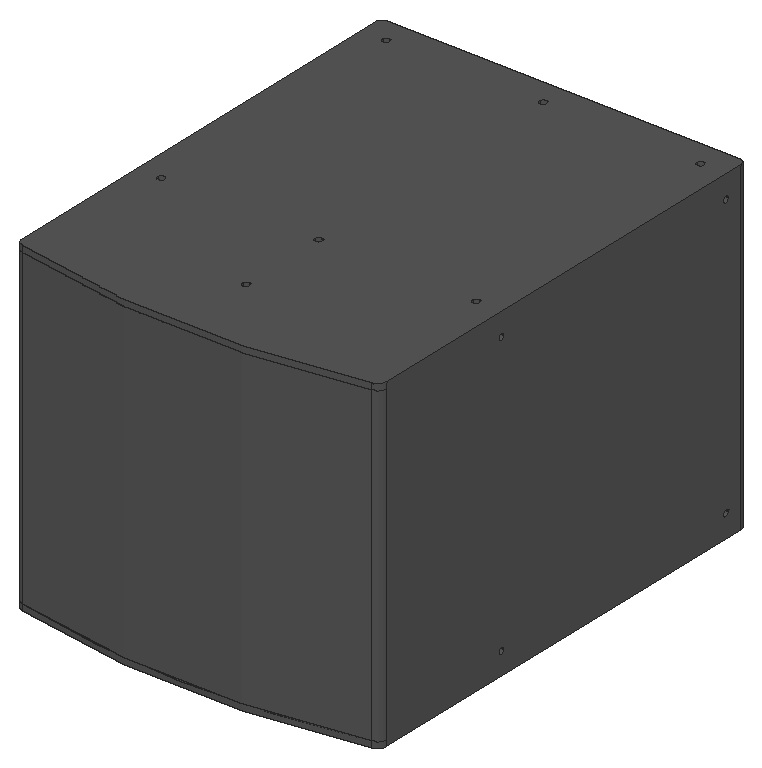
Revit family "1Electronics_Community_Biamp_Subwoofer_IS6-118WR", category Communication Devices, host Face, Revit 2020
Family settings
  Host = Face
  Maintain Annotation Orientation = No
  Round Connector Dimension = Use Diameter
  Part Type = Normal
  OmniClass Number = 23.85.10.11.14.14.14
  OmniClass Title = Loudspeakers
  Cut with Voids When Loaded = No
  Shared = No
  Room Calculation Point = No
Parameters (values of type "IS6-118WR B")
  Width = 22.10156"  # constant formula
  Weight = 97.00 lbf  # constant formula
  URL = "https://www.biamp.com/"
  Transducers = "1 x 18 (457mm) double-treated cone with 4 (102mm) inner/outer wound voice coil, ferrite construction"  # constant formula
  Shipping Weight = 111.00 lbf  # constant formula
  Recommended Amplifiers = "Single Amp - 700W - 1400W @ 8 ohms,  (75V - 106V)"  # constant formula
  Product data url = "https://bimobject.com/biamp/product/is6-118wr_community-subwoofer"
  Product Page URL = "https://www.biamp.com/products/product-families/community/community-subwoofers#is6-118wr"
  Product Documentation Link = "https://www.biamp.com/products/product-families/community/community-subwoofers#is6-118wr"
  Operating Range = "32 Hz to 145 Hz  "  # constant formula
  Operating Mode = "Single Amp"  # constant formula
  Operating Environment = "Weather-Resistant Outdoor"  # constant formula
  Nominal Sensitivity = "Half Space - 1W: 104 dB - 2.83V: 104 dB; Whole Space - 1W: 98 dB - 2.83V: 98 dB"  # constant formula
  Nominal Maximum SPL = "Half Space - Peak: 138 dB - Continuous: 132 dB; Whole Space - Peak: 132 dB - Continuous: 126 dB"  # constant formula
  Mounting Points = "(22) in Outdoor model"  # constant formula
  Model = "IS6-118WR B"
  Manufacturer = "Biamp"  # constant formula
  Input Connection = "Screw terminal blocks (4-position)"  # constant formula
  Housing Material = Biamp - Plastic - Black
  Height = 19.80078"  # constant formula
  Grill Material = Biamp - Plastic - Black(Grid)
  Equalized Sensitivity = "Half Space - 1W: 99 dB - 2.83V: 99 dB; Whole Space - 1W: 93 dB - 2.83V: 93 dB"  # constant formula
  Equalized Maximum SPL = "Half Space - Peak: 133 dB - Continuous: 127 dB; Whole Space - Peak: 127 dB - Continuous: 121 dB"  # constant formula
  Environmental = "Outdoor: IP55W per IEC 60529 , MIL-STD-810G"  # constant formula
  Description = "IS6-118WR Medium Power Single 18-Inch Weather-Resistant Subwoofer"  # constant formula
  Depth = 28.89062"  # constant formula
  Default Elevation = 48.00"
  Continuous Power Handling  Nominal Impedance = "Single Amp - 75V, 700W @ 8 ohms (2800W peak)"  # constant formula
Types (4): name | Model | Housing Material | Grill Material
  (no name) | "IS6-118WR B" | Biamp - Plastic - Black | Biamp - Plastic - Black(Grid)
  IS6-118WR B | "IS6-118WR B" | Biamp - Plastic - Black | Biamp - Plastic - Black(Grid)
  IS6-118WR W | "IS6-118WR W" | Biamp - Plastic - White | Biamp - Plastic - White(Grid)
  IS6-118WR G | "IS6-118WR G" | Biamp - Plastic - Gray | Biamp - Plastic - Gray(Grid)
Reference planes (in)
  plane 1 "Center (Front/Back)": y = 0
  plane 2: z = 0
  plane 3 "Center (Left/Right)": x = 0
  plane 4: y = 14.44531
  plane 5: y = -14.44531
  plane 6: x = -11.05078
  plane 7: x = 11.05078
  plane 8: z = 19.80078
  plane 9: z = 9.90039
Forms (in)
  Extrusion 1, solid, material "Biamp - Plastic - Black" <- "Housing Material", detail levels medium+fine
    sketch origin (0, 0, 0) x (1, 0, 0) y (0, 1, 0)
      loop
        arc (-10.67578, 14.44531) -> (-10.94095, 14.33548) -> (-11.05078, 14.07031) r 0.375
        line (-11.05078, 14.07031) -> (-11.05078, -12.72556)
        arc (-11.05078, -12.72556) -> (-10.91137, -13.08374) -> (-10.58284, -13.28323) r 0.59837
        arc (-10.58284, -13.28323) -> (0, -14.44531) -> (10.58284, -13.28323) r 48.76885
        arc (10.58284, -13.28323) -> (10.91137, -13.08374) -> (11.05078, -12.72556) r 0.59837
        line (11.05078, -12.72556) -> (11.05078, 14.07031)
        arc (11.05078, 14.07031) -> (10.94095, 14.33548) -> (10.67578, 14.44531) r 0.375
        line (10.67578, 14.44531) -> (-10.67578, 14.44531)
    from 0 to 19.80078
  Extrusion 2, void
    sketch origin (0, 0, 0) x (1, 0, 0) y (0, 1, 0)
      loop
        circle (-9.53078, 12.92531) r 0.21654
      loop
        circle (0, 12.92531) r 0.21654
      loop
        circle (9.53078, 12.92531) r 0.21654
      loop
        circle (-9.53078, -4.08469) r 0.21654
      loop
        circle (0, -4.08469) r 0.21654
      loop
        circle (9.53078, -4.08469) r 0.21654
      loop
        circle (0, -9.60469) r 0.21654
    from 19.42578 to 19.80078
  Extrusion 3, void
    sketch origin (0, 0, 0) x (0, 1, 0) y (0, 0, 1)
      loop
        circle (12.92531, 1.38) r 0.21654
      loop
        circle (12.92531, 18.42) r 0.21654
      loop
        circle (-4.08469, 1.38) r 0.21654
      loop
        circle (-4.08469, 18.42) r 0.21654
    from 10.67578 to 11.05078
  Extrusion 4, void
    sketch origin (0, 0, 0) x (1, 0, 0) y (0, 0, 1)
      loop
        circle (0, 18.42078) r 0.21654
      loop
        circle (0, 1.38) r 0.21654
      loop
        line (2.005, 13.43039) -> (-2.005, 13.43039)
        arc (-2.005, 13.43039) -> (-2.09339, 13.39378) -> (-2.13, 13.30539) r 0.125
        line (-2.13, 13.30539) -> (-2.13, 6.49539)
        arc (-2.13, 6.49539) -> (-2.09339, 6.407) -> (-2.005, 6.37039) r 0.125
        line (-2.005, 6.37039) -> (2.005, 6.37039)
        arc (2.005, 6.37039) -> (2.09339, 6.407) -> (2.13, 6.49539) r 0.125
        line (2.13, 6.49539) -> (2.13, 13.30539)
        arc (2.13, 13.30539) -> (2.09339, 13.39378) -> (2.005, 13.43039) r 0.125
    from -14.44531 to -14.07031
  Extrusion 5, solid, material "Biamp - Plastic - Black(Grid)" <- "Grill Material", detail levels medium+fine
    sketch origin (0, 0, 0) x (1, 0, 0) y (0, 1, 0)
      loop
        arc (-11.05078, -12.72556) -> (-10.91137, -13.08374) -> (-10.58284, -13.28323) r 0.59837
        arc (-10.58284, -13.28323) -> (0, -14.44531) -> (10.58284, -13.28323) r 48.76885
        arc (10.58284, -13.28323) -> (10.91137, -13.08374) -> (11.05078, -12.72556) r 0.59837
        line (11.05078, -12.72556) -> (-11.05078, -12.72556)
    from 0.375 to 19.42578
  Extrusion 6, solid, material "Biamp - Plastic - Black" <- "Housing Material", detail levels medium+fine
    sketch origin (0, 0, 0) x (1, 0, 0) y (0, 0, 1)
      loop
        line (-0.5, 12.43039) -> (-0.5, 12.18039) -> (0.5, 12.18039) -> (0.5, 12.43039) -> (-0.5, 12.43039)
      loop
        line (-0.5, 11.43039) -> (-0.5, 11.18039) -> (0.5, 11.18039) -> (0.5, 11.43039) -> (-0.5, 11.43039)
    from -14.25781 to -14.07031
  Extrusion 7, void
    sketch origin (0, 0, 0) x (0, 1, 0) y (0, 0, 1)
      loop
        line (-14.44531, 19.42578) -> (-14.44531, 0.375) -> (-12.72556, 0.375) -> (-12.72556, 19.42578) -> (-14.44531, 19.42578)
    from -11.05078 to 11.05078
  Extrusion 8, void
    sketch origin (0, 0, -19.42578) x (0, -1, 0) y (1, 0, 0)
      loop
        circle (-12.92531, -9.53078) r 0.21654
      loop
        circle (-12.92531, 0) r 0.21654
      loop
        circle (4.08469, -9.53078) r 0.21654
      loop
        circle (4.08469, 0) r 0.21654
      loop
        circle (9.60469, 0) r 0.21654
      loop
        circle (-12.92531, 9.53078) r 0.21654
      loop
        circle (4.08469, 9.53078) r 0.21654
    from 19.42578 to 19.80078
  Extrusion 9, void
    sketch origin (-1.15039, 0, 0) x (0, 1, 0) y (0, 0, -1)
      loop
        circle (12.92531, -1.38039) r 0.21654
      loop
        circle (12.92531, -18.42039) r 0.21654
      loop
        circle (-4.08469, -1.38039) r 0.21654
      loop
        circle (-4.08469, -18.42039) r 0.21654
    from 9.52539 to 9.90039
  Extrusion 10, solid, material "Biamp - Plastic - Black" <- "Housing Material", detail levels coarse
    sketch origin (0, 0, 0) x (1, 0, 0) y (0, 1, 0)
      loop
        arc (-11.05078, -12.72556) -> (-10.91137, -13.08374) -> (-10.58284, -13.28323) r 0.59837
        arc (-10.58284, -13.28323) -> (0, -14.44531) -> (10.58284, -13.28323) r 48.76885
        arc (10.58284, -13.28323) -> (10.91137, -13.08374) -> (11.05078, -12.72556) r 0.59837
        line (11.05078, -12.72556) -> (11.05078, 14.07031)
        arc (11.05078, 14.07031) -> (10.94095, 14.33548) -> (10.67578, 14.44531) r 0.375
        line (10.67578, 14.44531) -> (-10.67578, 14.44531)
        arc (-10.67578, 14.44531) -> (-10.94095, 14.33548) -> (-11.05078, 14.07031) r 0.375
        line (-11.05078, 14.07031) -> (-11.05078, -12.72556)
    from 0 to 19.80078
Cuts and joins
  Extrusion 2, Extrusion 3, Extrusion 4, Extrusion 7, Extrusion 8, Extrusion 9 cuts Extrusion 1
Lines and regions (in)
  Masking region 1
    outline origin (0, 0, 0) x (1, 0, 0) y (0, 0, 1)
      loop
        line (-11.05084, 19.80078) -> (-11.05084, 0) -> (11.05084, 0) -> (11.05084, 19.80078) -> (-11.05084, 19.80078)
  Masking region 2
    outline origin (0, 0, 0) x (0, 1, 0) y (0, 0, 1)
      loop
        line (-14.44531, 19.80078) -> (-14.44531, 0) -> (14.44531, 0) -> (14.44531, 19.80078) -> (-14.44531, 19.80078)
  Masking region 3
    outline origin (0, 0, 0) x (1, 0, 0) y (0, 1, 0)
      loop
        arc (-11.05078, -12.72556) -> (-10.91137, -13.08374) -> (-10.58284, -13.28323) r 0.59837
        arc (-10.58284, -13.28323) -> (0, -14.44531) -> (10.58284, -13.28323) r 48.76885
        arc (10.58284, -13.28323) -> (10.91137, -13.08374) -> (11.05078, -12.72556) r 0.59837
        line (11.05078, -12.72556) -> (11.05078, 14.07031)
        arc (11.05078, 14.07031) -> (10.94095, 14.33548) -> (10.67578, 14.44531) r 0.375
        line (10.67578, 14.44531) -> (-10.67578, 14.44531)
        arc (-10.67578, 14.44531) -> (-10.94095, 14.33548) -> (-11.05078, 14.07031) r 0.375
        line (-11.05078, 14.07031) -> (-11.05078, -12.72556)
  symbolic lines
    curve 1: arc (-9.31425, 12.92531, 0) -> (-9.53078, 12.70878, 0) -> (-9.74732, 12.92531, 0) r 0.21654
    curve 2: arc (-9.74732, 12.92531, 0) -> (-9.53078, 13.14185, 0) -> (-9.31425, 12.92531, 0) r 0.21654
    curve 3: arc (0.21654, 12.92531, 0) -> (0, 12.70878, 0) -> (-0.21654, 12.92531, 0) r 0.21654
    curve 4: arc (-0.21654, 12.92531, 0) -> (0, 13.14185, 0) -> (0.21654, 12.92531, 0) r 0.21654
    curve 5: line (-11.05084, 0, 19.80078) -> (11.05084, 0, 19.80078)
    curve 6: line (-11.05084, 0, 0) -> (-11.05084, 0, 19.80078)
    curve 7: line (11.05084, 0, 0) -> (-11.05084, 0, 0)
    curve 8: line (11.05084, 0, 19.80078) -> (11.05084, 0, 0)
    curve 9: line (-11.05084, 0, 19.42578) -> (11.05084, 0, 19.42578)
    curve 10: line (11.05084, 0, 0.375) -> (-11.05084, 0, 0.375)
    curve 11: line (0, -14.44531, 19.80078) -> (0, 14.44531, 19.80078)
    curve 12: line (0, -14.44531, 0) -> (0, -14.44531, 19.80078)
    curve 13: line (0, 14.44531, 0) -> (0, -14.44531, 0)
    curve 14: line (0, 14.44531, 19.80078) -> (0, 14.44531, 0)
    curve 15: line (0, -11.57031, 19.80078) -> (0, -11.57031, 0)
    curve 16: line (0, -11.57031, 0.375) -> (0, -14.44531, 0.375)
    curve 17: line (0, -14.44531, 19.42578) -> (0, -11.57031, 19.42578)
    curve 18: arc (9.31425, 12.92531, 0) -> (9.53078, 12.70878, 0) -> (9.74732, 12.92531, 0) r 0.21654
    curve 19: arc (9.74732, 12.92531, 0) -> (9.53078, 13.14185, 0) -> (9.31425, 12.92531, 0) r 0.21654
    curve 20: arc (-9.31425, -4.08469, 0) -> (-9.53078, -4.30122, 0) -> (-9.74732, -4.08469, 0) r 0.21654
    curve 21: arc (-9.74732, -4.08469, 0) -> (-9.53078, -3.86815, 0) -> (-9.31425, -4.08469, 0) r 0.21654
    curve 22: arc (0.21654, -4.08469, 0) -> (0, -4.30122, 0) -> (-0.21654, -4.08469, 0) r 0.21654
    curve 23: arc (-0.21654, -4.08469, 0) -> (0, -3.86815, 0) -> (0.21654, -4.08469, 0) r 0.21654
    curve 24: arc (9.31425, -4.08469, 0) -> (9.53078, -4.30122, 0) -> (9.74732, -4.08469, 0) r 0.21654
    curve 25: arc (9.74732, -4.08469, 0) -> (9.53078, -3.86815, 0) -> (9.31425, -4.08469, 0) r 0.21654
    curve 26: arc (0.21654, -9.60469, 0) -> (0, -9.82122, 0) -> (-0.21654, -9.60469, 0) r 0.21654
    curve 27: arc (-0.21654, -9.60469, 0) -> (0, -9.38815, 0) -> (0.21654, -9.60469, 0) r 0.21654
Dimensions and locks (in)
  equal spacing: plane 5, plane 1 "Center (Front/Back)", plane 4
  "Depth": plane 4 to plane 5
  equal spacing: plane 6, plane 3 "Center (Left/Right)", plane 7
  "Width": plane 6 to plane 7
  "Height": plane 8 to plane 2
  equal spacing: plane 8, plane 9, plane 2
  aligned and locked: plane 2 to host face
  aligned and locked: level to host face
  aligned and locked: plane 8 to Extrusion 1
  aligned and locked: plane 8 to Extrusion 2
  aligned and locked: plane 7 to Extrusion 3
  aligned and locked: Extrusion 4 to plane 4
  aligned and locked: plane 8 to Extrusion 10
  aligned and locked: Extrusion 10 to plane 2
Automatic sketch dimensions
  host sketch curve to host sketch curve = 96.00"  (x2)
  Extrusion 6 sketch curve to plane 3 "Center (Left/Right)" = 0.50"  (x2)
  plane 3 "Center (Left/Right)" to Extrusion 6 sketch curve = 0.50"  (x2)
  plane 9 to Extrusion 6 sketch curve = 1.28"
  Extrusion 6 sketch curve to Extrusion 6 sketch curve = 0.25"  (x2)
  Extrusion 6 sketch curve to Extrusion 6 sketch curve = 0.75"
  curve 26 to plane 3 "Center (Left/Right)" = 0.00"
  curve 4 to plane 3 "Center (Left/Right)" = 0.00"
  curve 23 to plane 3 "Center (Left/Right)" = 0.00"
  plane 6 to curve 2 = 1.52"
  plane 6 to curve 20 = 1.52"
  curve 18 to plane 7 = 1.52"
  curve 24 to plane 7 = 1.52"
  plane 4 to curve 2 = 1.52"
  plane 4 to curve 4 = 1.52"
  plane 4 to curve 19 = 1.52"
  plane 1 "Center (Front/Back)" to curve 24 = 4.08469"
  plane 1 "Center (Front/Back)" to curve 21 = 4.08469"
  plane 1 "Center (Front/Back)" to curve 22 = 4.08469"
  plane 5 to curve 26 = 4.84063"
  curve 20 to curve 20 = 0.21654"
  curve 1 to curve 1 = 0.21654"
  curve 26 to curve 26 = 0.21654"
  curve 4 to curve 3 = 0.21654"
  curve 23 to curve 22 = 0.21654"
  curve 19 to curve 18 = 0.21654"
  curve 25 to curve 24 = 0.21654"
  curve 17 to plane 5 = 0.00"
  curve 15 to plane 8 = 0.00"
  curve 15 to level = 0.00"
  curve 13 to plane 4 = 0.00"
  level to curve 16 = 0.375"
  curve 16 to curve 16 = 2.875"
  curve 17 to plane 8 = 0.375"
  curve 5 to plane 8 = 0.00"
  curve 6 to level = 0.00"
  curve 5 to plane 6 = 0.00006"
  plane 7 to curve 8 = 0.00006"
  level to curve 10 = 0.375"
  curve 9 to curve 5 = 0.375"
  Extrusion 2 sketch curve to plane 3 "Center (Left/Right)" = 0.00"  (x3)
  plane 6 to Extrusion 2 sketch curve = 1.52"  (x2)
  Extrusion 2 sketch curve to plane 7 = 1.52"  (x2)
  plane 5 to Extrusion 2 sketch curve = 4.84063"
  plane 1 "Center (Front/Back)" to Extrusion 2 sketch curve = 4.08469"  (x3)
  plane 4 to Extrusion 2 sketch curve = 1.52"  (x3)
  Extrusion 4 sketch curve to plane 3 "Center (Left/Right)" = 0.00"  (x2)
  Extrusion 4 sketch curve to plane 3 "Center (Left/Right)" = 2.005"  (x2)
  Extrusion 4 sketch curve to Extrusion 4 sketch curve = 0.125"  (x2)
  plane 3 "Center (Left/Right)" to Extrusion 4 sketch curve = 2.005"  (x2)
  level to Extrusion 4 sketch curve = 1.38"
  Extrusion 4 sketch curve to plane 9 = 3.53"
  plane 9 to Extrusion 4 sketch curve = 3.405"
  Extrusion 4 sketch curve to plane 8 = 1.38"
  Extrusion 7 sketch curve to plane 5 = 0.00"
  level to Extrusion 7 sketch curve = 0.375"
  Extrusion 7 sketch curve to Extrusion 7 sketch curve = 1.71975"
  Extrusion 7 sketch curve to plane 8 = 0.375"
  Extrusion 8 sketch curve to plane 3 "Center (Left/Right)" = 0.00"  (x3)
  plane 4 to Extrusion 8 sketch curve = 1.52"  (x3)
  Extrusion 8 sketch curve to plane 7 = 1.52"  (x2)
  plane 1 "Center (Front/Back)" to Extrusion 8 sketch curve = 4.08469"  (x3)
  plane 6 to Extrusion 8 sketch curve = 1.52"  (x2)
  plane 5 to Extrusion 8 sketch curve = 4.84063"
  level to Extrusion 9 sketch curve = 1.38039"  (x2)
  plane 1 "Center (Front/Back)" to Extrusion 9 sketch curve = 4.08469"  (x2)
  Extrusion 9 sketch curve to plane 8 = 1.38039"  (x2)
  plane 4 to Extrusion 9 sketch curve = 1.52"  (x2)
  Masking region 1 sketch curve to level = 0.00"
  Masking region 1 sketch curve to plane 8 = 0.00"
  Masking region 1 sketch curve to plane 6 = 0.00006"
  plane 7 to Masking region 1 sketch curve = 0.00006"
  Masking region 2 sketch curve to level = 0.00"
  Masking region 2 sketch curve to plane 5 = 0.00"
  Masking region 2 sketch curve to plane 4 = 0.00"
  Masking region 2 sketch curve to plane 8 = 0.00"
  level to Extrusion 3 sketch curve = 1.38"  (x2)
  plane 1 "Center (Front/Back)" to Extrusion 3 sketch curve = 4.08469"  (x2)
  Extrusion 3 sketch curve to plane 8 = 1.38078"  (x2)
  plane 4 to Extrusion 3 sketch curve = 1.52"  (x2)
  Extrusion 1 sketch curve to plane 6 = 0.00"
  plane 4 to Extrusion 1 sketch curve = 0.00"
  Extrusion 1 sketch curve to plane 3 "Center (Left/Right)" = 0.00"
  Extrusion 1 sketch curve to plane 7 = 0.00"
  Extrusion 1 sketch curve to Extrusion 1 sketch curve = 0.375"
  plane 6 to Extrusion 1 sketch curve = 0.59779"
  Extrusion 1 sketch curve to plane 7 = 0.59779"
  Extrusion 1 sketch curve to plane 7 = 0.375"
  plane 5 to Extrusion 1 sketch curve = 1.7462"  (x2)
  Extrusion 1 sketch curve to Extrusion 1 sketch curve = 0.02644"  (x2)
  Extrusion 1 sketch curve to plane 4 = 19.87823"
  Extrusion 1 sketch curve to Extrusion 1 sketch curve = 0.00"
  Masking region 3 sketch curve to plane 6 = 0.00"
  plane 4 to Masking region 3 sketch curve = 0.00"
  Masking region 3 sketch curve to plane 3 "Center (Left/Right)" = 0.00"
  Masking region 3 sketch curve to plane 7 = 0.00"
  plane 6 to Masking region 3 sketch curve = 0.375"
  plane 6 to Masking region 3 sketch curve = 0.59779"
  Masking region 3 sketch curve to plane 7 = 0.59779"
  Masking region 3 sketch curve to plane 7 = 0.375"
  plane 5 to Masking region 3 sketch curve = 1.7462"  (x2)
  Masking region 3 sketch curve to Masking region 3 sketch curve = 0.02644"  (x2)
  Masking region 3 sketch curve to plane 4 = 19.87823"
  Masking region 3 sketch curve to Masking region 3 sketch curve = 0.00"
  Extrusion 10 sketch curve to plane 6 = 0.00"
  plane 4 to Extrusion 10 sketch curve = 0.00"
  Extrusion 10 sketch curve to plane 3 "Center (Left/Right)" = 0.00"
  Extrusion 10 sketch curve to plane 7 = 0.00"
  plane 6 to Extrusion 10 sketch curve = 0.375"
  plane 6 to Extrusion 10 sketch curve = 0.59779"
  Extrusion 10 sketch curve to plane 7 = 0.59779"
  Extrusion 10 sketch curve to plane 7 = 0.375"
  plane 5 to Extrusion 10 sketch curve = 1.7462"  (x2)
  Extrusion 10 sketch curve to Extrusion 10 sketch curve = 0.02644"  (x2)
  Extrusion 10 sketch curve to plane 4 = 19.87823"
  Extrusion 10 sketch curve to Extrusion 10 sketch curve = 0.00"
  Extrusion 5 sketch curve to plane 6 = 0.00"
  Extrusion 5 sketch curve to plane 3 "Center (Left/Right)" = 0.00"
  Extrusion 5 sketch curve to plane 7 = 0.00"
  plane 6 to Extrusion 5 sketch curve = 0.59779"
  Extrusion 5 sketch curve to plane 7 = 0.59779"
  plane 5 to Extrusion 5 sketch curve = 1.7462"
  Extrusion 5 sketch curve to plane 4 = 19.87823"
  Extrusion 5 sketch curve to Extrusion 5 sketch curve = 0.12985"
  Extrusion 5 sketch curve to Extrusion 5 sketch curve = 0.00"  (x2)
  radius of Extrusion 2 sketch curve = 0.21654"  (x7)
  radius of Extrusion 4 sketch curve = 0.21654"  (x2)
  radius of Extrusion 8 sketch curve = 0.21654"  (x7)
  radius of Extrusion 9 sketch curve = 0.21654"  (x4)
  radius of Extrusion 3 sketch curve = 0.21654"  (x4)
Connectors (in)
  electrical at (0.25, 14.25781, 12.30539)
    settings: on Extrusion 6, index 1, voltage 0 V, apparent load 0 VA, apparent load phase1 0 VA, apparent load phase2 0 VA, apparent load phase3 0 VA, power factor 1, load classification "Other", number of poles 1, system type 5, power factor state 1, is connector primary yes, connector utility no, sub classification motor no, connector description "Screw terminal blocks; LF Input"
  electrical at (0.25, 14.25781, 11.30539)
    settings: on Extrusion 6, index 2, voltage 0 V, apparent load 0 VA, apparent load phase1 0 VA, apparent load phase2 0 VA, apparent load phase3 0 VA, power factor 1, load classification "Other", number of poles 1, system type 5, power factor state 1, is connector primary no, connector utility no, sub classification motor no, connector description "Screw terminal blocks; LOOP Input"
  electrical at (-0.25, 14.25781, 12.30539)
    settings: on Extrusion 6, index 3, voltage 0 V, apparent load 0 VA, apparent load phase1 0 VA, apparent load phase2 0 VA, apparent load phase3 0 VA, power factor 1, load classification "Other", number of poles 1, system type 5, power factor state 1, is connector primary no, connector utility no, sub classification motor no, connector description "Screw terminal blocks; LF thru"
  electrical at (-0.25, 14.25781, 11.30539)
    settings: on Extrusion 6, index 4, voltage 0 V, apparent load 0 VA, apparent load phase1 0 VA, apparent load phase2 0 VA, apparent load phase3 0 VA, power factor 1, load classification "Other", number of poles 1, system type 5, power factor state 1, is connector primary no, connector utility no, sub classification motor no, connector description "Screw terminal blocks; LOOP thru"
